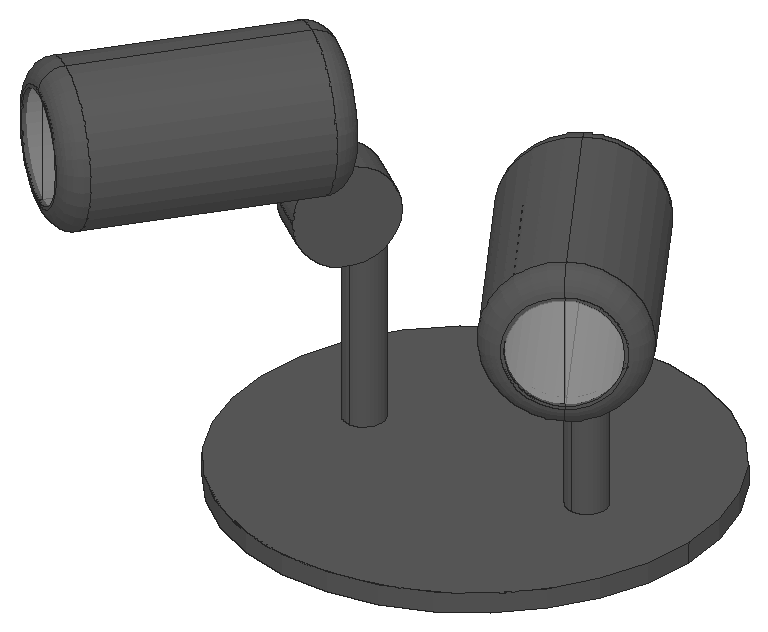
Revit family "EVO-Double", category Lighting Fixtures, host Face, Revit 2021
Family settings
  Host = Face
  Round Connector Dimension = Use Diameter
  Part Type = Normal
  OmniClass Number = 23.80.70.14.14
  OmniClass Title = Exterior Floodlights
  Cut with Voids When Loaded = No
  Light Source = No
  Shared = No
  Room Calculation Point = No
Parameters (values of type "EVO - Black")
  Wattage Comments = "3 W"
  Voltage = 120 V
  URL = "https://www.currentlighting.com/dual-lite"
  Total Input Wattage = 3 W
  Photometric Web = EVO Photometry : EVO
  Material Finish = Paint - Black
  Product Page URL = ""
  Product Documentation Link = ""
  Model = "EVO"  # constant formula
  Manufacturer = "Dual-lite"  # constant formula
  Load Classification = Lighting
  Lamp = "LED"
  Description = "Outdoor LED Remote"  # constant formula
  Default Elevation = 48.000"
  Apparent Load = 3 VA
Types (2): name | Material Finish
  EVO - Black | Paint - Black
  EVO - White | Paint - White
Reference planes (in)
  plane 1 "Center (Front/Back)": y = 0
  plane 2: z = 0
  plane 3 "Center (Left/Right)": x = 0
  plane 4: z = 2.3754
  plane 5: y = 1.75
  plane 6: y = -1.75
  plane 7: x = 1.75
  plane 8: x = -1.75
  plane 9: z = 0.2
  plane 10: through (-1.25, 0, 48) normal (0.8192, -0.5736, 0)
  plane 11: through (1.25, 0, 48) normal (0.8192, 0.5736, 0)
Forms (in)
  Extrusion 1, solid, material "Paint - Black" <- "Material Finish"
    sketch origin (0, 0, 0) x (1, 0, 0) y (0, 1, 0)
      loop
        spline (-2.4, 0) -> (-2.31822, -0.62117) -> (-2.07846, -1.2) -> (-1.69706, -1.69706) -> (-1.2, -2.07846) -> (-0.62117, -2.31822) -> (0, -2.4) -> (0.62117, -2.31822) -> (1.2, -2.07846) -> (1.69706, -1.69706) -> (2.07846, -1.2) -> (2.31822, -0.62117) -> (2.4, 0)
        spline (2.4, 0) -> (2.31822, 0.62117) -> (2.07846, 1.2) -> (1.69706, 1.69706) -> (1.2, 2.07846) -> (0.62117, 2.31822) -> (0, 2.4) -> (-0.62117, 2.31822) -> (-1.2, 2.07846) -> (-1.69706, 1.69706) -> (-2.07846, 1.2) -> (-2.31822, 0.62117) -> (-2.4, 0)
    from 0 to 0.2
  Revolve 2, solid, material "Paint - Black" <- "Material Finish"
    sketch origin (1.25, 60, 48) x (0, 1, 0) y (0, 0, 1)
      loop
        line (-60, -48) -> (-60, -45.6246) -> (-60.2, -45.6246) -> (-60.2, -48) -> (-60, -48)
      axis (-60, -45.6246) -> (-60, -48)
    angle from 0 to 360
  Revolve 3, solid, material "Paint - Black" <- "Material Finish"
    sketch origin (-1.25, 59.58301, 48) x (0, 1, 0) y (0, 0, 1)
      loop
        line (-59.58301, -47.8) -> (-59.58301, -45.6246) -> (-59.78301, -45.6246) -> (-59.78301, -47.8) -> (-59.58301, -47.8)
      axis (-59.58301, -45.6246) -> (-59.58301, -47.8)
    angle from 0 to 360
Lines and regions (in)
  reference lines
    curve 1: line (1.79132, 0.09863, 0) -> (0, -1.15567, 0)
    curve 2: line (-1.79132, 0.09863, 0) -> (0, -1.15567, 0)
Dimensions and locks (in)
  equal spacing: plane 6, plane 1 "Center (Front/Back)", plane 5
  plane 5 to plane 6 = 3.500"
  plane 8 to plane 7 = 3.500"
  locked: plane 9 to plane 2 at 0.2
  locked: plane 2 to plane 4 at 2.3754
  locked: Revolve 3 sketch curve to Revolve 3 sketch curve at 0.2
  locked: Revolve 2 sketch curve to Revolve 2 sketch curve at 0.2
  locked: plane 1 "Center (Front/Back)" to plane 10 (angle 55.00°)
  locked: plane 11 to plane 1 "Center (Front/Back)" (angle 55.00°)
  aligned and locked: plane 2 to host face
  aligned and locked: level to host face
  aligned and locked: plane 9 to Extrusion 1
  aligned and locked: Revolve 3 to plane 4
  aligned and locked: Revolve 3 to plane 9
  aligned and locked: Extrusion 1 to plane 2
  aligned and locked: plane 10 to nested 1
  aligned and locked: nested 2 to plane 11
  aligned and locked: nested 2 to plane 4
  aligned and locked: Revolve 2 to plane 4
  aligned and locked: Revolve 2 to plane 2
  aligned and locked: nested 2 to curve 1
  aligned and locked: nested 1 to curve 2
  aligned and locked: nested 1 to plane 4
  aligned and locked: nested 4 to nested 4
  aligned and locked: nested 3 to plane 11
  aligned and locked: nested 4 to plane 10
  aligned and locked: nested 4 to nested 1
  aligned and locked: nested 3 to nested 1
Nested families (in)
  nested 1: "EVO Model" at (-1.38175, -0.18816, 2.3754) x (0.5736, 0.8192, 0) z (0.8192, -0.5736, 0), type "Black"
  nested 2: "EVO Model" at (1.38175, -0.18816, 2.3754) x (-0.5736, 0.8192, 0) z (0.8192, 0.5736, 0), type "Black"
  nested 3: "EVO Photometry" at (2.73866, -2.54265, 3.41539) x (-0.8192, -0.5736, 0) z (0.5736, -0.8192, 0), type "EVO"
  nested 4: "EVO Photometry" at (-3.13015, -2.26852, 3.41539) x (-0.8192, 0.5736, 0) z (-0.5736, -0.8192, 0), type "EVO"
Connectors (in)
  electrical at (0, 0, 0), driven by "Voltage", driven by "Apparent Load", driven by "Load Classification"
    settings: on Extrusion 1, index 1, voltage 120 V, apparent load 3 VA, apparent load phase1 0 VA, apparent load phase2 0 VA, apparent load phase3 0 VA, power factor 1, load classification "Lighting", number of poles 1, system type 30, power factor state 1, is connector primary yes, connector utility no, sub classification motor no, connector description "Lighting Connector"
Definition of nested family "EVO Model"
  Parameters
    URL = ""
    Product Page URL = ""
    Product Documentation Link = ""
    Manufacturer Phone = ""
    Manufacturer Fax = ""
    Manufacturer = ""
    Lens = none
    Finish = none
    Default Elevation = 48.000"
  Reference planes (in)
    plane 1 "Center (Front/Back)": y = 0
    plane 2: z = 0
    plane 3 "Center (Left/Right)": x = 0
    plane 4: z = 5.6
    plane 5: z = 5.1
    plane 6: z = 11.8
    plane 7: y = 2
    plane 8: x = -2.75
    plane 9: y = 1
    plane 10: z = 0.25
    plane 11: z = -0.25
    plane 12: z = 0
    plane 13: through (0, -180, 0) normal (-0.7071, 0, 0.7071)
  Forms (in)
    Revolve 1, solid, material <- "Finish"
      sketch origin (2.09375, -0.25, 0) x (1, 0, 0) y (0, 1, 0)
        loop
          line (-4.59375, 0.46754) -> (-2.34375, 0.46754)
          arc (-2.34375, 0.46754) -> (-2.16697, 0.54077) -> (-2.09375, 0.71754) r 0.25
          line (-2.09375, 0.71754) -> (-2.09375, 1.25) -> (-2.41454, 1.25) -> (-2.41454, 0.71754) -> (-4.84375, 0.71754) -> (-4.84375, 0.68619)
          arc (-4.84375, 0.68619) -> (-4.75981, 0.52992) -> (-4.59375, 0.46754) r 0.25225
        axis (-4.84375, 1.25) -> (-2.09375, 1.25)
      angle from 0 to 360
    Extrusion 2, solid, material <- "Finish"
      sketch origin (0, 0, 0) x (1, 0, 0) y (0, 1, 0)
        loop
          circle (0, 0) r 0.5
      from -0.25 to 0.25
    Revolve 3, solid, material <- "Lens"
      sketch origin (0, 0, 0) x (1, 0, 0) y (0, 1, 0)
        loop
          line (-2.70698, 1) -> (-2.70698, 0.45552) -> (-2.58891, 0.45552) -> (-2.58891, 1) -> (-2.70698, 1)
        axis (-2.70698, 1) -> (-2.58891, 1)
      angle from 0 to 360
  Cuts and joins
    joined: Revolve 1, Extrusion 2
  Lines and regions (in)
    reference lines
      curve 1: line (0, 0, 0) -> (0, 2.5, 0)
  Dimensions and locks (in)
    locked: plane 4 to plane 5 at 0.5
    plane 6 to plane 5 = 6.700"
    equal spacing: plane 7, plane 9, plane 1 "Center (Front/Back)"
    plane 7 to plane 1 "Center (Front/Back)" = 2.000"
    aligned and locked: plane 11 to Extrusion 2
    aligned and locked: plane 10 to Extrusion 2
    aligned and locked: Revolve 1 sketch curve to plane 9
    aligned and locked: Revolve 3 sketch curve to plane 9
  Automatic sketch dimensions
    curve 1 to plane 3 "Center (Left/Right)" = 0.000"
    plane 1 "Center (Front/Back)" to curve 1 = 0.000"
    plane 7 to curve 1 = 0.500"
    Revolve 3 sketch curve to plane 9 = 0.000"
    plane 8 to Revolve 3 sketch curve = 0.41481"
    Revolve 3 sketch curve to plane 8 = 0.04302"
    Revolve 3 sketch curve to Revolve 3 sketch curve = 0.11807"
    Revolve 3 sketch curve to Revolve 3 sketch curve = 0.67411"
    Revolve 3 sketch curve to plane 1 "Center (Front/Back)" = 0.45552"
    plane 1 "Center (Front/Back)" to Extrusion 2 sketch curve = 0.000"
    Extrusion 2 sketch curve to plane 3 "Center (Left/Right)" = 0.000"
    Revolve 1 sketch curve to plane 8 = 0.000"
    Revolve 1 sketch curve to plane 9 = 0.000"
    Revolve 1 sketch curve to plane 3 "Center (Left/Right)" = 0.000"
    plane 8 to Revolve 1 sketch curve = 10.00226"
    Revolve 1 sketch curve to plane 8 = 0.250"
    Revolve 1 sketch curve to Revolve 1 sketch curve = 0.32079"
    Revolve 1 sketch curve to Revolve 1 sketch curve = 0.07079"
    plane 3 "Center (Left/Right)" to Revolve 1 sketch curve = 10.97206"
    Revolve 1 sketch curve to plane 1 "Center (Front/Back)" = 0.46979"
    Revolve 1 sketch curve to Revolve 1 sketch curve = 0.00225"
    Revolve 1 sketch curve to Revolve 1 sketch curve = 0.03135"
    radius of Extrusion 2 sketch curve = 0.500"
Definition of nested family "EVO Photometry"
  Parameters
    Wattage Comments = ""
    Wattage = 3 W
    built-in parameter 1150110 = 1 (stored number, unit not read)
    Voltage = 6 V
    URL = ""
    built-in parameter 1114217 = 1 (stored number, unit not read)
    Tilt Angle = 90.00°  # constant formula
    built-in parameter 1150109 = 1 (stored number, unit not read)
    built-in parameter 1150134 = 3
    built-in parameter 1150113 = 1 (stored number, unit not read)
    Product Page URL = ""
    Product Documentation Link = ""
    Photometric Web File = "evo.ies"
    Model = ""
    Manufacturer Phone = ""
    Manufacturer Fax = ""
    Manufacturer = ""
    built-in parameter 1150105 = 19.397 (stored number, unit not read)
    Lumens = 243.75 lm
    built-in parameter 1150115 = 1 (stored number, unit not read)
    built-in parameter 1150137 = (empty or 0)
    built-in parameter 1150139 = (empty or 0)
    built-in parameter 1150112 = 1 (stored number, unit not read)
    built-in parameter 1150114 = 1 (stored number, unit not read)
    Lamp = ""
    built-in parameter 1150132 = 1
    built-in parameter 1150102 = (empty or 0)
    built-in parameter 1150107 = 3200 (stored number, unit not read)
    built-in parameter 1150138 = (empty or 0)
    built-in parameter 1150106 = 0.19397 (stored number, unit not read)
    Emit from Circle Diameter = 1.000"  # constant formula
    Emit Shape Visible in Rendering = no
    built-in parameter 1150104 = 7.5484 (stored number, unit not read)
    Dimming Lamp Color Temperature Shift = (empty or 0)
    Description = ""
    Default Elevation = 48.000"
    Color Filter = 16777215
    built-in parameter 1114218 = 1 (stored number, unit not read)
    built-in parameter 1150133 = 10 (stored number, unit not read)
    Apparent Load = 3 VA
  Reference planes (in)
    plane 1 "Center (Front/Back)": y = 0.03999
    plane 2: z = 0
    plane 3 "Center (Left/Right)": x = -0.23896
  Forms (in)
    Extrusion 1, solid
      sketch origin (0, 0, 0.06357) x (1, 0, 0) y (0, 1, 0)
        loop
          line (-48, 48) -> (-48, -48) -> (48, -48) -> (48, 48) -> (-48, 48)
      from -0.06357 to -17.74365
  Lines and regions (in)
    reference lines
      curve 1: line (-0.23896, 0.03999, 18.11448) -> (-0.23896, 0.03999, -22.88552)
      curve 2: line (-0.23896, 0.03999, 34) -> (-0.23896, 0.03999, -22.88552)
  Dimensions and locks (in)
    aligned and locked: plane 2 to Extrusion 1
    aligned and locked: level to Extrusion 1
    aligned and locked: curve 1 to plane 3 "Center (Left/Right)"
    aligned and locked: plane 1 "Center (Front/Back)" to curve 2
    aligned and locked: imposter light to plane 1 "Center (Front/Back)"
